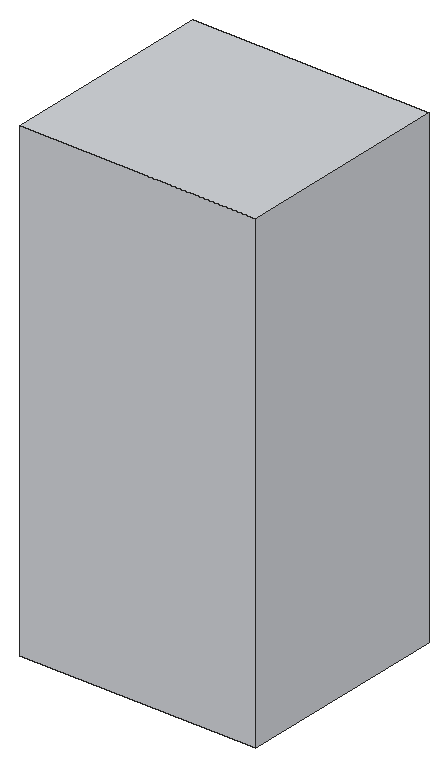
Revit family "Lighting_Fixture-Wall-Astro-Serifos", category Lighting Fixtures, host Face, Revit 2014
Parameters (values of type "7375 Serifos")
  Width = 110.00 mm
  Weight = "0.870 kg"
  Wattage Comments = "2x3w"
  Wattage = 1.14446 W
  built-in parameter 1150110 = 1 (stored number, unit not read)
  Voltage = 230 V
  URL = "www.astrolighting.co.uk"
  Type Comments = "-Astro plaster and ceramic lights can be painted using a good quality emulsion paint. -Includes integral electronic driver"
  built-in parameter 1114217 = 1 (stored number, unit not read)
  Tilt Angle = 90.00°
  built-in parameter 1150109 = 1 (stored number, unit not read)
  built-in parameter 1150134 = (empty or 0)
  built-in parameter 1150113 = 1 (stored number, unit not read)
  Suitable for bathroom zone = "Zone 3"
  Product Documentation = "http://www.astrolighting.co.uk/products/kw/serifos/7375_Serifos-170"
  Photometric Web File = "7375 SERIFOS 170.ies"
  Number of Poles = 1
  Mountable on normally flammable surfaces = "Yes"
  Model = "7375 Serifos"
  Manufacturer = "Astro Lighting Ltd, CM20 2DP"
  Lumens = 170 lm
  Luminaire Lamp Efficiency Rating = "A++"
  built-in parameter 1150115 = 1 (stored number, unit not read)
  built-in parameter 1150105 = 13.528 (stored number, unit not read)
  Light Source From Wall = 30.00 mm
  Light Source Elevation = 1600.00 mm
  built-in parameter 1150137 = (empty or 0)
  built-in parameter 1150139 = (empty or 0)
  Length = 55.00 mm
  built-in parameter 1150112 = 1 (stored number, unit not read)
  built-in parameter 1150114 = 1 (stored number, unit not read)
  Lamp included = "Yes"
  Lamp = "LED"
  built-in parameter 1150132 = 2
  built-in parameter 1150102 = (empty or 0)
  built-in parameter 1150138 = (empty or 0)
  built-in parameter 1150107 = 3000 (stored number, unit not read)
  built-in parameter 1150106 = 0.13528 (stored number, unit not read)
  IP Rating = "IP20"
  Height = 170.00 mm
  Energy Efficiency Rating = "A++"
  built-in parameter 1150104 = 13.8 (stored number, unit not read)
  Dimming Lamp Color Temperature Shift = <None>
  Dimmable = "No"
  Description = "Wall Light"
  Default Elevation [instance] = 1700.00 mm
  Color Filter = 16777215
  Class = 1
  Casing Material = Astro - Plaster - Natural
  built-in parameter 1114218 = 1 (stored number, unit not read)
  built-in parameter 1150133 = 10 (stored number, unit not read)
  Manufacturer Contact = "01279 427001"
  Assembly Code = "D5020200"
  Apparent Load = 6.32 VA
Reference planes
  plane 1: y = -75
  plane 2 "Light Source Axis (L/R)": x = 125
  plane 3 "Light Source Axis (F/R)": y = 30
  plane 4 "Light Source Elevation": z = 1600
  plane 5: y = -150
  plane 6 "Center (Elevation)": z = 1600
  plane 7: z = 0
  plane 8 "Top": z = 1685
  plane 9 "Bottom": z = 1515
  plane 10 "Left": x = 180
  plane 11 "Right": x = 70
  plane 12 "Front": y = 55
  plane 13: y = 0
  plane 14: z = 1672.5
  plane 15: z = 1527.5
  plane 16: z = 1535
  plane 17: z = 1665
Forms (mm)
  Extrusion 1, solid
    sketch origin (140, -150, 1500) x (0, 0, 1) y (1, 0, 0)
      loop
        line (-70.226, -96.25) -> (260, -96.25) -> (260, 68.223) -> (-70.226, 68.223) -> (-70.226, -96.25)
    from 0 to 150
  Extrusion 2, solid, material "Astro - Plaster - Natural" <- "Casing Material"
    sketch origin (1573.638, 225, 1600) x (1, 0, 0) y (0, 1, 0)
      loop
        line (-1503.638, -225) -> (-1495.638, -225)
        arc (-1495.638, -225) -> (-1448.638, -178) -> (-1401.638, -225) r 47
        line (-1401.638, -225) -> (-1393.638, -225)
        arc (-1393.638, -225) -> (-1448.638, -170) -> (-1503.638, -225) r 55
    from -85 to 85
  Extrusion 3, solid, material "Astro - Plaster - Natural" <- "Casing Material"
    sketch origin (1573.638, 225, 1600) x (1, 0, 0) y (0, 1, 0)
      loop
        line (-1473.638, -225) -> (-1473.638, -176.01)
        arc (-1473.638, -176.01) -> (-1495.542, -196.277) -> (-1503.638, -225) r 55
        line (-1503.638, -225) -> (-1473.638, -225)
      loop
        line (-1423.638, -176.01) -> (-1423.638, -225) -> (-1393.638, -225)
        arc (-1393.638, -225) -> (-1401.734, -196.277) -> (-1423.638, -176.01) r 55
    from -72.5 to -65
  Extrusion 4, solid, material "Astro - Plaster - Natural" <- "Casing Material"
    sketch origin (1573.638, 225, 1600) x (1, 0, 0) y (0, 1, 0)
      loop
        line (-1473.638, -225) -> (-1473.638, -176.01)
        arc (-1473.638, -176.01) -> (-1495.542, -196.277) -> (-1503.638, -225) r 55
        line (-1503.638, -225) -> (-1473.638, -225)
      loop
        line (-1423.638, -176.01) -> (-1423.638, -225) -> (-1393.638, -225)
        arc (-1393.638, -225) -> (-1401.734, -196.277) -> (-1423.638, -176.01) r 55
    from 65 to 72.5
  Extrusion 5, solid, material "Astro - Aluminium - Anodised"
    sketch origin (1573.638, 225, 1600) x (1, 0, 0) y (0, 1, 0)
      loop
        line (-1495.638, -225) -> (-1401.638, -225)
        arc (-1401.638, -225) -> (-1448.638, -178) -> (-1495.638, -225) r 47
    from -65 to 65
  Extrusion 6, void
    sketch origin (1573.638, 225, 1600) x (0, 1, 0) y (1, 0, 0)
      loop
        line (-205.1, -1473.638) -> (-170, -1473.638) -> (-170, -1423.638) -> (-205.1, -1423.638) -> (-205.1, -1473.638)
    from -72.5 to 72.5
  Extrusion 7, void
    sketch origin (1573.638, 225, 1600) x (0, 1, 0) y (1, 0, 0)
      loop
        line (-225, -1473.638) -> (-195, -1473.638) -> (-195, -1423.638) -> (-225, -1423.638) -> (-225, -1473.638)
    from 55 to 85
  Extrusion 8, void
    sketch origin (1573.638, 225, 1600) x (0, 1, 0) y (1, 0, 0)
      loop
        line (-225, -1473.638) -> (-195, -1473.638) -> (-195, -1423.638) -> (-225, -1423.638) -> (-225, -1473.638)
    from -85 to -55
  Extrusion 9, solid, material "Astro - Glass - Clear"
    sketch origin (1573.638, 225, 1600) x (1, 0, 0) y (0, 1, 0)
      loop
        line (-1473.638, -185.201) -> (-1473.638, -225) -> (-1423.638, -225) -> (-1423.638, -185.201)
        arc (-1423.638, -185.201) -> (-1448.638, -178) -> (-1473.638, -185.201) r 47
    from -65 to -63
  Extrusion 10, solid, material "Astro - Glass - Clear"
    sketch origin (1573.638, 225, 1600) x (1, 0, 0) y (0, 1, 0)
      loop
        line (-1473.638, -185.201) -> (-1473.638, -225) -> (-1423.638, -225) -> (-1423.638, -185.201)
        arc (-1423.638, -185.201) -> (-1448.638, -178) -> (-1473.638, -185.201) r 47
    from 63 to 65
Cuts and joins
  Extrusion 6 cuts Extrusion 3
  Extrusion 6 cuts Extrusion 4
  joined: Extrusion 2, Extrusion 3, Extrusion 4
  Extrusion 6, Extrusion 7, Extrusion 8 cuts Extrusion 5
Text (mm)
  text "Placement side" at (-1787.139, 1116.779, 0), in view "Ref. Level"
  text "Placement side" at (0, 2110.396, 2986.058), in view "Left"
  text "Placement side" at (0, 628.478, 3011.967), in view "Right"
Dimensions and locks
  equal spacing: plane 9 "Bottom", plane 6 "Center (Elevation)", plane 8 "Top"
  "Height": plane 9 "Bottom" to plane 8 "Top"
  equal spacing: plane 11 "Right", plane 2 "Light Source Axis (L/R)", plane 10 "Left"
  "Width": plane 11 "Right" to plane 10 "Left"
  locked: plane 1 to plane 13 at 75
  "Length": plane 12 "Front" to plane 13
  "Light Source From Wall": plane 3 "Light Source Axis (F/R)" to plane 13
  "Light Source Elevation": plane 7 to plane 4 "Light Source Elevation"
  locked: Extrusion 3 sketch curve to Extrusion 3 sketch curve at 50
  equal spacing: Extrusion 3 sketch curve, plane 2 "Light Source Axis (L/R)", Extrusion 3 sketch curve
  locked: plane 16 to plane 17 at 130
  equal spacing: plane 16, plane 6 "Center (Elevation)", plane 17
  locked: plane 17 to plane 14 at 7.5
  locked: plane 15 to plane 16 at 7.5
  locked: Extrusion 4 sketch curve to Extrusion 4 sketch curve at 50
  Extrusion 4 sketch curve to Extrusion 4 sketch curve = 50.00 mm
  locked: cut or joined group of Extrusion 5, Extrusion 6, Extrusion 7, Extrusion 8 to plane 17 at 10
  locked: plane 16 to Extrusion 7 at 10
  level to Extrusion 1 = 1760.00 mm
  aligned and locked: plane 4 "Light Source Elevation" to imposter light
  aligned and locked: plane 13 to Extrusion 2 sketch curve  (x4)
  aligned and locked: plane 2 "Light Source Axis (L/R)" to Extrusion 2 sketch curve  (x2)
  aligned and locked: Extrusion 3 sketch curve to Extrusion 2  (x2)
  aligned and locked: plane 10 "Left" to Extrusion 3 sketch curve
  aligned and locked: Extrusion 3 sketch curve to plane 13
  aligned and locked: Extrusion 2 to plane 9 "Bottom"
  aligned and locked: plane 8 "Top" to Extrusion 2
  aligned and locked: plane 15 to Extrusion 3
  aligned and locked: plane 16 to Extrusion 3
  aligned and locked: plane 14 to Extrusion 4
  aligned and locked: plane 17 to Extrusion 4
  aligned and locked: cut or joined group of Extrusion 2, Extrusion 3, Extrusion 4, Extrusion 6 to Extrusion 5 sketch curve
  aligned and locked: Extrusion 5 to plane 16
  aligned and locked: Extrusion 5 to plane 17
  aligned and locked: imposter light to plane 2 "Light Source Axis (L/R)"
  aligned and locked: imposter light to plane 3 "Light Source Axis (F/R)"
  aligned and locked: plane 12 "Front" to Extrusion 6 sketch curve
  aligned and locked: Extrusion 6 sketch curve to cut or joined group of Extrusion 2, Extrusion 3, Extrusion 4, Extrusion 6  (x2)
  aligned and locked: plane 14 to Extrusion 6
  aligned and locked: Extrusion 3 to Extrusion 6
  aligned and locked: Extrusion 7 sketch curve to cut or joined group of Extrusion 2, Extrusion 3, Extrusion 4, Extrusion 6  (x2)
  aligned and locked: cut or joined group of Extrusion 2, Extrusion 3, Extrusion 4, Extrusion 6 to Extrusion 7 sketch curve
  aligned and locked: Extrusion 7 sketch curve to plane 3 "Light Source Axis (F/R)"
  aligned and locked: Extrusion 7 to plane 9 "Bottom"
  aligned and locked: plane 8 "Top" to Extrusion 8
  aligned and locked: Extrusion 9 sketch curve to cut or joined group of Extrusion 2, Extrusion 3, Extrusion 4, Extrusion 6  (x3)
  aligned and locked: plane 13 to Extrusion 9 sketch curve
  aligned and locked: Extrusion 9 to plane 16
  aligned and locked: Extrusion 10 sketch curve to cut or joined group of Extrusion 2, Extrusion 3, Extrusion 4, Extrusion 6  (x3)
  aligned and locked: plane 13 to Extrusion 10 sketch curve
Automatic sketch dimensions
  Extrusion 1 sketch curve to Extrusion 1 sketch curve = 330.226 mm
  Extrusion 1 sketch curve to Extrusion 1 sketch curve = 164.473 mm
  Extrusion 2 sketch curve to plane 11 "Right" = 0.00 mm
  Extrusion 2 sketch curve to Extrusion 2 sketch curve = 8.00 mm
  Extrusion 3 sketch curve to Extrusion 3 sketch curve = 0.00 mm
  Extrusion 3 sketch curve to plane 2 "Light Source Axis (L/R)" = 0.00 mm
  Extrusion 4 sketch curve to Extrusion 4 sketch curve = 0.00 mm  (x2)
  Extrusion 4 sketch curve to plane 11 "Right" = 0.00 mm
  Extrusion 4 sketch curve to plane 13 = 0.00 mm
  Extrusion 4 sketch curve to plane 2 "Light Source Axis (L/R)" = 0.00 mm
  Extrusion 4 sketch curve to plane 10 "Left" = 0.00 mm
  Extrusion 4 sketch curve to plane 2 "Light Source Axis (L/R)" = 25.00 mm
  Extrusion 5 sketch curve to plane 2 "Light Source Axis (L/R)" = 0.00 mm
  Extrusion 5 sketch curve to plane 11 "Right" = 8.00 mm
  plane 3 "Light Source Axis (F/R)" to Extrusion 6 sketch curve = 10.10 mm
  Extrusion 8 sketch curve to plane 13 = 0.00 mm
  plane 3 "Light Source Axis (F/R)" to Extrusion 8 sketch curve = 0.00 mm
  plane 2 "Light Source Axis (L/R)" to Extrusion 8 sketch curve = 25.00 mm
  Extrusion 8 sketch curve to plane 2 "Light Source Axis (L/R)" = 25.00 mm
Connectors
  electrical at (125, 0, 1600), driven by "Number of Poles", driven by "Voltage", driven by "Apparent Load"
    settings: on cut or joined group of Extrusion 5, Extrusion 6, Extrusion 7, Extrusion 8, index 1, voltage 230 V, apparent load 0 VA, apparent load phase1 6.32 VA, apparent load phase2 0 VA, apparent load phase3 0 VA, power factor 1, load classification "Other", number of poles 1, system type 31, power factor state 1, is connector primary yes, connector utility no, sub classification motor no, connector description ""
